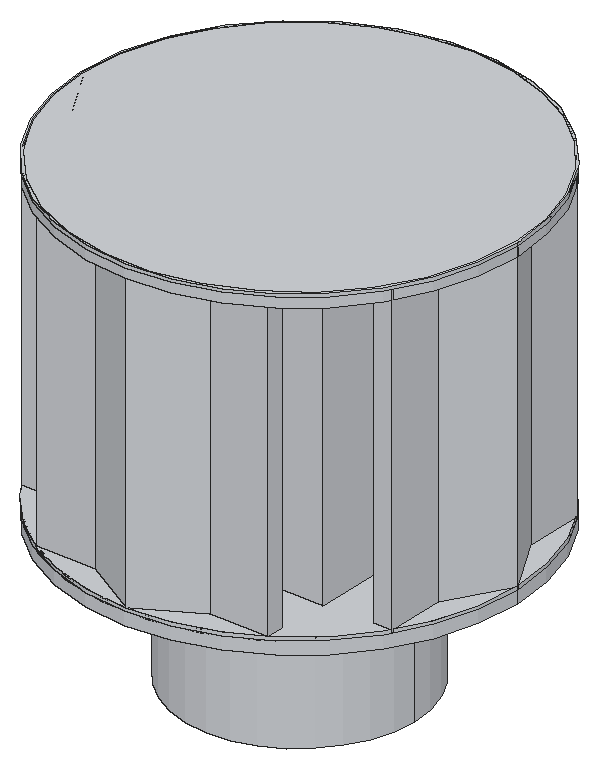
Revit family "thinggy", category Generic Models, Revit 2025
Family settings
  Can host rebar = No
  Round Connector Dimension = Use Diameter
  Part Type = Normal
  Work Plane-Based = No
  Always vertical = Yes
  Cut with Voids When Loaded = No
  Maintain Annotation Orientation = No
  Shared = No
  Room Calculation Point = No
Parameters
  Nominal Diameter = 0' - 4 1/2"
  Length = 0' - 6"
  Gauge = 0' - 0 1/16"
  Default Elevation = 0' - 0"
Reference planes (in)
  plane 1 "Center (Front/Back)": y = 0
  plane 2: z = 0
  plane 3 "Center (Left/Right)": x = 0
  plane 4: z = 6
Dimensions and locks (in)
  "Length": plane 2 to plane 4
  aligned and locked: level to plane 2
  aligned and locked: plane 3 "Center (Left/Right)" to nested 2
  aligned and locked: plane 1 "Center (Front/Back)" to nested 2
  aligned and locked: plane 3 "Center (Left/Right)" to nested 4
  aligned and locked: plane 1 "Center (Front/Back)" to nested 4
  aligned and locked: plane 3 "Center (Left/Right)" to nested 3
  aligned and locked: plane 1 "Center (Front/Back)" to nested 3
  aligned and locked: plane 3 "Center (Left/Right)" to nested 1
  aligned and locked: plane 1 "Center (Front/Back)" to nested 1
  aligned and locked: plane 4 to nested 1
Nested families (in)
  nested 1: "cap_lid" at (0, 0, 6.0625), type "cap_lid"
  nested 2: "outside_octagon" at (0, 0, 0), type "outside_octagon"
  nested 3: "cap_inlet" at (0, 0, 0), type "cap_inlet"
  nested 4: "inside_square" at (0, 0, 0), type "inside_square"
    with Length 0' - 6"
Definition of nested family "cap_lid"
  Parameters (values of type "cap_lid")
    Nominal Diameter = 0' - 4 1/2"
    Lip Size = 0' - 0 1/4"
    Gauge = 0' - 0 1/16"
    Diameter Inner = Diameter - Gauge  # 0' - 8 7/16"
    Diameter = Nominal Diameter * 1.8889  # 0' - 8 1/2"
    Default Elevation = 0' - 0"
  Reference planes (in)
    plane 1 "Center (Front/Back)": y = 0
    plane 2: z = 0
    plane 3 "Center (Left/Right)": x = 0
    plane 4: y = 4.25
    plane 5: y = -4.25
    plane 6: x = -4.25
    plane 7: x = 4.25
    plane 8: z = 0.0625
    plane 9: z = -0.0625
    plane 10: z = -0.25
  Forms (in)
    Extrusion 1, solid
      sketch origin (-8.82302, -180, 0.0625) x (-1, 0, 0) y (0, -1, 0)
        loop
          circle (-8.82302, -180) r 4.25
      from -0.0625 to -0.125
    Extrusion 2, solid
      sketch origin (-8.82302, -180, 0.0625) x (-1, 0, 0) y (0, -1, 0)
        loop
          circle (-8.82302, -180) r 4.21875
        loop
          circle (-8.82302, -180) r 4.25
      from -0.0625 to -0.3125
  Dimensions and locks (in)
    equal spacing: plane 5, plane 1 "Center (Front/Back)", plane 4
    equal spacing: plane 6, plane 3 "Center (Left/Right)", plane 7
    "Diameter": plane 4 to plane 5
    "Diameter": plane 6 to plane 7
    "Gauge": level to plane 9
    "Lip Size": level to plane 10
    "Diameter": diameter of Extrusion 2 sketch curve
    "Diameter Inner": diameter of Extrusion 2 sketch curve
    aligned and locked: plane 2 to level
    aligned and locked: plane 3 "Center (Left/Right)" to Extrusion 1 sketch curve
    aligned and locked: plane 1 "Center (Front/Back)" to Extrusion 1 sketch curve
    aligned and locked: level to Extrusion 1
    aligned and locked: Extrusion 1 to plane 9
    aligned and locked: plane 3 "Center (Left/Right)" to Extrusion 2 sketch curve  (x2)
    aligned and locked: plane 1 "Center (Front/Back)" to Extrusion 2 sketch curve  (x2)
    aligned and locked: Extrusion 2 to plane 10
    aligned and locked: level to Extrusion 2
  Automatic sketch dimensions
    radius of Extrusion 1 sketch curve = 0' - 4 1/4"
Definition of nested family "outside_octagon"
  Parameters (values of type "outside_octagon")
    Inner Angle = 120.075°
    Outer Angle = 150.037°
    Octagon Side Size = 0' - 7.85302"
    Nominal Diameter = 0' - 4 1/2"
    Length = 0' - 6"
    Inside Spacing = Diameter Inner / 2  # 0' - 2 1/4"
    Guage = 0' - 0.04436"
    Diameter Outer = Nominal Diameter * 1.8889  # 0' - 8.50005"
    Diameter Inner = Nominal Diameter  # 0' - 4 1/2"
    Default Elevation = 0' - 0"
  Reference planes (in)
    plane 1 "Center (Front/Back)": y = 0
    plane 2: z = 0
    plane 3 "Center (Left/Right)": x = 0
    plane 4: y = 4.25002
    plane 5: y = -4.25003
    plane 6: x = -4.25002
    plane 7: x = 4.25003
    plane 8: x = -2.25
    plane 9: x = 2.25
    plane 10: y = 2.25
    plane 11: y = -2.25
    plane 12: through (0, 0, 48) normal (0.7071, 0.7071, 0)
    plane 13: y = 1.125
    plane 14: y = -1.125
    plane 15: x = -1.125
    plane 16: x = 1.125
    plane 17: y = -0.75
    plane 18: y = 0.75
    plane 19: x = -0.75
    plane 20: x = 0.75
    plane 21: through (0, 0, 48) normal (-0.7071, 0.7071, 0)
    plane 22: through (-0.09785, 4.29056, 48) normal (0.3827, 0.9239, 0)
    plane 23: through (-3.00522, -3.00522, 48) normal (0.3827, 0.9239, 0)
    plane 24: through (-3.00522, 3.00522, 48) normal (-0.3827, 0.9239, 0)
    plane 25: through (-19.89016, 11.4064, 48) normal (0.3827, 0.9239, 0)
    plane 26: through (-22.6601, -6.21849, 48) normal (-0.3827, 0.9239, 0)
    plane 27: y = -2.91668
    plane 28: y = -3.58335
    plane 29: x = -3.58335
    plane 30: x = -2.91667
    plane 31: x = 2.91668
    plane 32: x = 3.58335
    plane 33: y = 3.58335
    plane 34: y = 2.91667
    plane 35: through (2.50435, -10.29606, 48) normal (-0.3827, 0.9239, 0)
    plane 36: through (3.00522, -3.00522, 48) normal (-0.9239, 0.3827, 0)
    plane 37: through (-4.25002, 0, 48) normal (0.9239, 0.3827, 0)
    plane 38: through (3.0419, 2.91667, 48) normal (0.9239, 0.3827, 0)
    plane 39: x = -3.25001
    plane 40: x = 3.25001
    plane 41: y = 3.25001
    plane 42: y = -3.25001
  Forms (in)
    Extrusion 1, solid
      sketch origin (0, 0, 0) x (1, 0, 0) y (0, 1, 0)
        loop
          line (3.60149, -1.125) -> (4.25003, 0) -> (3.60149, 1.125) -> (3.60149, 2.25) -> (3.25001, 2.25) -> (3.25001, 2.20564) -> (3.55712, 2.20564) -> (3.55712, 1.11313) -> (4.19882, 0) -> (3.55712, -1.11313) -> (3.55712, -2.20564) -> (3.25001, -2.20564) -> (3.25001, -2.25) -> (3.60149, -2.25) -> (3.60149, -1.125)
        loop
          line (-3.60149, -1.125) -> (-3.60149, -2.25) -> (-3.25001, -2.25) -> (-3.25001, -2.20564) -> (-3.55712, -2.20564) -> (-3.55712, -1.11313) -> (-4.19882, 0) -> (-3.55712, 1.11313) -> (-3.55712, 2.20564) -> (-3.25001, 2.20564) -> (-3.25001, 2.25) -> (-3.60149, 2.25) -> (-3.60149, 1.125) -> (-4.25002, 0) -> (-3.60149, -1.125)
        loop
          line (0, 4.25002) -> (-1.125, 3.58335) -> (-2.25, 3.58335) -> (-2.25, 3.25001) -> (-2.20564, 3.25001) -> (-2.20564, 3.53899) -> (-1.11284, 3.53899) -> (0.00043, 4.19871) -> (1.15801, 3.53899) -> (2.20564, 3.53899) -> (2.20564, 3.25001) -> (2.25, 3.25001) -> (2.25, 3.58335) -> (1.16977, 3.58335) -> (0, 4.25002)
        loop
          line (0, -4.23189) -> (1.125, -3.58335) -> (2.25, -3.58335) -> (2.25, -3.25001) -> (2.20564, -3.25001) -> (2.20564, -3.53899) -> (1.15801, -3.53899) -> (0.00043, -4.19871) -> (-1.11284, -3.54959) -> (-2.20564, -3.54959) -> (-2.20564, -3.25001) -> (-2.25, -3.25001) -> (-2.25, -3.58335) -> (-1.125, -3.58335) -> (0, -4.23189)
      from 0 to 6 <- "Length"
  Lines and regions (in)
    model lines
      curve 1: circle (0, 0, 0) r 4.25003 normal (0, 0, 1)
      curve 2: circle (0, 0, 0) r 2.25 normal (0, 0, 1)
      curve 3: line (0, 4.25002, 0) -> (-3.00522, 3.00522, 0)
      curve 4: line (-3.00522, 3.00522, 0) -> (-4.25002, 0, 0)
      curve 5: line (-4.25002, 0, 0) -> (-3.00522, -3.00522, 0)
      curve 6: line (-3.00522, -3.00522, 0) -> (0, -4.25003, 0)
      curve 7: line (0, -4.25003, 0) -> (3.00522, -3.00522, 0)
      curve 8: line (3.00522, -3.00522, 0) -> (4.25003, 0, 0)
      curve 9: line (4.25003, 0, 0) -> (3.00522, 3.00522, 0)
      curve 10: line (3.00522, 3.00522, 0) -> (0, 4.25002, 0)
  Dimensions and locks (in)
    equal spacing: plane 6, plane 3 "Center (Left/Right)", plane 7
    equal spacing: plane 5, plane 1 "Center (Front/Back)", plane 4
    "Diameter Outer": plane 4 to plane 5
    "Diameter Outer": plane 6 to plane 7
    equal spacing: plane 11, plane 1 "Center (Front/Back)", plane 10
    "Diameter Inner": plane 10 to plane 11
    equal spacing: plane 8, plane 3 "Center (Left/Right)", plane 9
    "Diameter Inner": plane 8 to plane 9
    equal spacing: plane 14, plane 1 "Center (Front/Back)", plane 13
    "Inside Spacing": plane 14 to plane 13
    equal spacing: plane 15, plane 3 "Center (Left/Right)", plane 16
    "Inside Spacing": plane 15 to plane 16
    equal spacing: plane 11, plane 17, plane 18, plane 10
    equal spacing: plane 8, plane 19, plane 20, plane 9
    "Octagon Side Size": plane 22 to plane 23
    "Guage": Extrusion 1 sketch curve to Extrusion 1 sketch curve  (x17)
    equal spacing: plane 11, plane 27, plane 28, plane 5
    equal spacing: plane 6, plane 29, plane 30, plane 8
    equal spacing: plane 9, plane 31, plane 32, plane 7
    equal spacing: plane 4, plane 33, plane 34, plane 10
    Extrusion 1 sketch curve to Extrusion 1 sketch curve = 0' - 0.04436"
    equal spacing: plane 27, plane 42, plane 28
    equal spacing: plane 29, plane 39, plane 30
    equal spacing: plane 34, plane 41, plane 33
    equal spacing: plane 31, plane 40, plane 32
    "Diameter Outer": diameter of curve 1
    "Diameter Inner": diameter of curve 2
    "Outer Angle": angle Extrusion 1 sketch curve to Extrusion 1 sketch curve  (x6)
    angle plane 35 to plane 23 = 135.00°
    angle plane 36 to plane 35 = 135.00°
    "Inner Angle": angle Extrusion 1 sketch curve to Extrusion 1 sketch curve  (x2)
    angle Extrusion 1 sketch curve to Extrusion 1 sketch curve = 119.669°
    angle Extrusion 1 sketch curve to Extrusion 1 sketch curve = 149.349°
    angle Extrusion 1 sketch curve to Extrusion 1 sketch curve = 150.32°
    aligned and locked: plane 2 to level
    aligned and locked: plane 3 "Center (Left/Right)" to curve 1
    aligned and locked: plane 1 "Center (Front/Back)" to curve 1
    aligned and locked: plane 1 "Center (Front/Back)" to Extrusion 1 sketch curve  (x2)
    aligned and locked: Extrusion 1 sketch curve to plane 11
    aligned and locked: plane 10 to Extrusion 1 sketch curve
    aligned and locked: plane 11 to Extrusion 1 sketch curve
    aligned and locked: plane 14 to Extrusion 1 sketch curve
    aligned and locked: plane 13 to Extrusion 1 sketch curve
    aligned and locked: Extrusion 1 sketch curve to plane 10
    aligned and locked: Extrusion 1 sketch curve to plane 40
    aligned and locked: plane 40 to Extrusion 1 sketch curve
    aligned and locked: Extrusion 1 sketch curve to plane 39
    aligned and locked: plane 39 to Extrusion 1 sketch curve
    aligned and locked: Extrusion 1 sketch curve to plane 8
    aligned and locked: plane 33 to Extrusion 1 sketch curve
    aligned and locked: plane 3 "Center (Left/Right)" to Extrusion 1 sketch curve  (x2)
    aligned and locked: Extrusion 1 sketch curve to plane 33
    aligned and locked: plane 9 to Extrusion 1 sketch curve
    aligned and locked: Extrusion 1 sketch curve to plane 41  (x2)
    aligned and locked: plane 8 to Extrusion 1 sketch curve
    aligned and locked: plane 28 to Extrusion 1 sketch curve
    aligned and locked: Extrusion 1 sketch curve to plane 28
    aligned and locked: Extrusion 1 sketch curve to plane 9
    aligned and locked: Extrusion 1 sketch curve to plane 42  (x2)
  Automatic sketch dimensions
    curve 1 to curve 2 = 0' - 0"  (x2)
    curve 3 to plane 12 = 0' - 0"
    curve 6 to plane 21 = 0' - 0"
    curve 3 to plane 3 "Center (Left/Right)" = 0' - 0"
    curve 6 to plane 3 "Center (Left/Right)" = 0' - 0"
    curve 8 to plane 12 = 0' - 0"
    curve 10 to plane 21 = 0' - 0"
    plane 1 "Center (Front/Back)" to curve 8 = 0' - 0"
    plane 1 "Center (Front/Back)" to curve 5 = 0' - 0"
    Extrusion 1 sketch curve to plane 6 = 0' - 0"
    Extrusion 1 sketch curve to plane 15 = 0' - 0"  (x2)
    Extrusion 1 sketch curve to plane 13 = 0' - 0"
    plane 14 to Extrusion 1 sketch curve = 0' - 0"
    Extrusion 1 sketch curve to plane 7 = 0' - 0"
    plane 8 to Extrusion 1 sketch curve = 0' - 0.04436"
    plane 15 to Extrusion 1 sketch curve = 0' - 0.01216"
    plane 3 "Center (Left/Right)" to Extrusion 1 sketch curve = 0' - 0.00043"
    Extrusion 1 sketch curve to plane 16 = 0' - 0.03301"
    plane 9 to Extrusion 1 sketch curve = 0' - 0.04436"
    Extrusion 1 sketch curve to Extrusion 1 sketch curve = 0' - 0.03317"
    plane 28 to Extrusion 1 sketch curve = 0' - 0.03376"
Definition of nested family "cap_inlet"
  Parameters (values of type "cap_inlet")
    Nominal Diameter = 0' - 4 1/2"
    Lip Size = Diameter * 0.0294  # 0' - 0.2499"
    Collar OD = Nominal Diameter  # 0' - 4 1/2"
    Gauge = 0' - 0 1/16"
    Diameter Inner = Diameter - Gauge  # 0' - 8.43755"
    Diameter = Nominal Diameter * 1.8889  # 0' - 8.50005"
    Default Elevation = 0' - 0"
    Collar Length = 0' - 3"
    Collar ID = Collar OD - Gauge  # 0' - 4 7/16"
  Reference planes (in)
    plane 1 "Center (Front/Back)": y = 0
    plane 2: z = 0
    plane 3 "Center (Left/Right)": x = 0
    plane 4: y = 4.25002
    plane 5: y = -4.25003
    plane 6: x = -4.25002
    plane 7: x = 4.25003
    plane 8: x = -2.25
    plane 9: x = 2.25
    plane 10: y = -2.25
    plane 11: y = 2.25
    plane 12: z = 3
    plane 13: z = -0.2499
    plane 14: z = -0.2499
    plane 15: z = -3
  Forms (in)
    Extrusion 1, solid
      sketch origin (0, 0, 0) x (1, 0, 0) y (0, 1, 0)
        loop
          circle (0, 0) r 4.25002
        loop
          circle (0, 0) r 2.21875
      from 0 to 0.0625 <- "Gauge"
    Extrusion 2, solid
      sketch origin (0, 0, 0) x (1, 0, 0) y (0, 1, 0)
        loop
          circle (0, 0) r 4.25003
        loop
          circle (0, 0) r 4.21877
      from 0 to -0.2499
    Extrusion 3, solid
      sketch origin (0, 0, 0) x (1, 0, 0) y (0, 1, 0)
        loop
          circle (0, 0) r 2.21875
        loop
          circle (0, 0) r 2.25
      from 0 to -3
  Dimensions and locks (in)
    equal spacing: plane 5, plane 1 "Center (Front/Back)", plane 4
    equal spacing: plane 6, plane 3 "Center (Left/Right)", plane 7
    "Diameter": plane 4 to plane 5
    "Diameter": plane 6 to plane 7
    equal spacing: plane 8, plane 3 "Center (Left/Right)", plane 9
    equal spacing: plane 10, plane 1 "Center (Front/Back)", plane 11
    "Collar OD": plane 10 to plane 11
    "Collar OD": plane 8 to plane 9
    "Collar Length": plane 12 to plane 2
    "Lip Size": plane 2 to plane 13
    "Lip Size": plane 2 to plane 14
    "Collar Length": plane 2 to plane 15
    "Diameter": diameter of Extrusion 1 sketch curve
    "Collar ID": diameter of Extrusion 1 sketch curve
    "Diameter": diameter of Extrusion 2 sketch curve
    "Diameter Inner": diameter of Extrusion 2 sketch curve
    "Collar ID": diameter of Extrusion 3 sketch curve
    "Collar OD": diameter of Extrusion 3 sketch curve
    aligned and locked: plane 2 to level
    aligned and locked: plane 3 "Center (Left/Right)" to Extrusion 1 sketch curve  (x2)
    aligned and locked: plane 1 "Center (Front/Back)" to Extrusion 1 sketch curve  (x2)
    aligned and locked: plane 1 "Center (Front/Back)" to Extrusion 2 sketch curve  (x2)
    aligned and locked: plane 3 "Center (Left/Right)" to Extrusion 2 sketch curve  (x2)
    aligned and locked: Extrusion 2 to plane 14
    aligned and locked: plane 3 "Center (Left/Right)" to Extrusion 3 sketch curve  (x2)
    aligned and locked: plane 1 "Center (Front/Back)" to Extrusion 3 sketch curve  (x2)
    aligned and locked: Extrusion 3 to plane 15
Definition of nested family "inside_square"
  Parameters (values of type "inside_square")
    Nominal Diameter = 0' - 4 1/2"
    Length = 1' - 0"
    Inside Spacing = Diameter Inner / 2  # 0' - 2 1/4"
    Guage = 0' - 0 1/16"
    Diameter Outer = Nominal Diameter * 1.8889  # 0' - 8.50005"
    Diameter Inner = Nominal Diameter  # 0' - 4 1/2"
    Default Elevation = 0' - 0"
  Reference planes (in)
    plane 1 "Center (Front/Back)": y = 0
    plane 2: z = 0
    plane 3 "Center (Left/Right)": x = 0
    plane 4: y = 4.25002
    plane 5: y = -4.25003
    plane 6: x = -4.25002
    plane 7: x = 4.25003
    plane 8: x = -2.25
    plane 9: x = 2.25
    plane 10: y = 2.25
    plane 11: y = -2.25
    plane 12: through (0, 0, 48) normal (0.7071, 0.7071, 0)
    plane 13: through (-53.5, 59.51044, 48) normal (0.7071, 0.7071, 0)
    plane 14: through (-59.51044, 53.5, 48) normal (0.7071, 0.7071, 0)
    plane 15: through (0, 0, 48) normal (-0.7071, 0.7071, 0)
    plane 16: through (-89.89388, -83.88343, 48) normal (-0.7071, 0.7071, 0)
    plane 17: through (-83.88343, -89.89388, 48) normal (-0.7071, 0.7071, 0)
    plane 18: y = 1.125
    plane 19: y = -1.125
    plane 20: x = -1.125
    plane 21: x = 1.125
    plane 22: y = -0.75
    plane 23: y = 0.75
    plane 24: x = -0.75
    plane 25: x = 0.75
    plane 26: y = 2.75001
    plane 27: x = 5.35253
    plane 28: y = -3.25001
    plane 29: x = -4.88446
    plane 30: y = -2.75001
    plane 31: y = -3.75002
    plane 32: y = 3.25001
    plane 33: y = 3.75002
    plane 34: x = 2.75001
    plane 35: x = 3.25001
    plane 36: x = 3.75002
    plane 37: x = -2.75001
    plane 38: x = -3.25001
    plane 39: x = -3.75002
  Forms (in)
    Extrusion 1, solid
      sketch origin (0, 0, 0) x (1, 0, 0) y (0, 1, 0)
        loop
          line (-2.75001, 0.75) -> (-2.25, 0.75) -> (-2.25, 2.25) -> (-0.75, 2.25) -> (-0.75, 2.75001) -> (-0.8125, 2.75001) -> (-0.8125, 2.3125) -> (-2.3125, 2.3125) -> (-2.3125, 0.8125) -> (-2.75001, 0.8125) -> (-2.75001, 0.75)
        loop
          line (2.75001, 0.75) -> (2.75001, 0.8125) -> (2.3125, 0.8125) -> (2.3125, 2.3125) -> (0.8125, 2.3125) -> (0.8125, 2.75001) -> (0.75, 2.75001) -> (0.75, 2.25) -> (2.25, 2.25) -> (2.25, 0.75) -> (2.75001, 0.75)
        loop
          line (2.75001, -0.75) -> (2.25, -0.75) -> (2.25, -2.25) -> (0.75, -2.25) -> (0.75, -2.75001) -> (0.8125, -2.75001) -> (0.8125, -2.3125) -> (2.3125, -2.3125) -> (2.3125, -0.8125) -> (2.75001, -0.8125) -> (2.75001, -0.75)
        loop
          line (-2.74343, -0.75) -> (-2.74343, -0.8125) -> (-2.3125, -0.8125) -> (-2.3125, -2.3125) -> (-0.8125, -2.3125) -> (-0.8125, -2.75001) -> (-0.75, -2.75001) -> (-0.75, -2.25) -> (-2.25, -2.25) -> (-2.25, -0.75) -> (-2.74343, -0.75)
      from 0 to 12 <- "Length"
  Lines and regions (in)
    model lines
      curve 1: circle (0, 0, 0) r 4.25003 normal (0, 0, 1)
      curve 2: circle (0, 0, 0) r 2.25 normal (0, 0, 1)
  Dimensions and locks (in)
    equal spacing: plane 6, plane 3 "Center (Left/Right)", plane 7
    equal spacing: plane 5, plane 1 "Center (Front/Back)", plane 4
    "Diameter Outer": plane 4 to plane 5
    "Diameter Outer": plane 6 to plane 7
    equal spacing: plane 11, plane 1 "Center (Front/Back)", plane 10
    "Diameter Inner": plane 10 to plane 11
    equal spacing: plane 8, plane 3 "Center (Left/Right)", plane 9
    "Diameter Inner": plane 8 to plane 9
    equal spacing: plane 16, plane 15, plane 17
    "Diameter Outer": plane 16 to plane 17
    equal spacing: plane 13, plane 12, plane 14
    "Diameter Outer": plane 13 to plane 14
    equal spacing: plane 19, plane 1 "Center (Front/Back)", plane 18
    "Inside Spacing": plane 19 to plane 18
    equal spacing: plane 20, plane 3 "Center (Left/Right)", plane 21
    "Inside Spacing": plane 20 to plane 21
    equal spacing: plane 11, plane 22, plane 23, plane 10
    equal spacing: plane 8, plane 24, plane 25, plane 9
    "Guage": Extrusion 1 sketch curve to Extrusion 1 sketch curve  (x16)
    equal spacing: plane 11, plane 30, plane 28, plane 31, plane 5
    equal spacing: plane 4, plane 33, plane 32, plane 26, plane 10
    equal spacing: plane 9, plane 34, plane 35, plane 36, plane 7
    equal spacing: plane 6, plane 39, plane 38, plane 37, plane 8
    plane 25 to plane 9 = 0' - 1 1/2"
    plane 26 to plane 10 = 0' - 0 1/2"
    "Diameter Outer": diameter of curve 1
    "Diameter Inner": diameter of curve 2
    aligned and locked: plane 2 to level
    aligned and locked: plane 3 "Center (Left/Right)" to curve 1
    aligned and locked: plane 1 "Center (Front/Back)" to curve 1
    aligned and locked: plane 3 "Center (Left/Right)" to curve 2
    aligned and locked: plane 1 "Center (Front/Back)" to curve 2
    aligned and locked: plane 24 to Extrusion 1 sketch curve
    aligned and locked: Extrusion 1 sketch curve to plane 10
    aligned and locked: plane 8 to Extrusion 1 sketch curve
    aligned and locked: plane 23 to Extrusion 1 sketch curve
    aligned and locked: Extrusion 1 sketch curve to plane 25
    aligned and locked: plane 10 to Extrusion 1 sketch curve
    aligned and locked: Extrusion 1 sketch curve to plane 9
    aligned and locked: Extrusion 1 sketch curve to plane 23
    aligned and locked: plane 22 to Extrusion 1 sketch curve
    aligned and locked: plane 9 to Extrusion 1 sketch curve
    aligned and locked: Extrusion 1 sketch curve to plane 11
    aligned and locked: plane 25 to Extrusion 1 sketch curve
    aligned and locked: Extrusion 1 sketch curve to plane 24
    aligned and locked: plane 11 to Extrusion 1 sketch curve
    aligned and locked: Extrusion 1 sketch curve to plane 8
    aligned and locked: Extrusion 1 sketch curve to plane 22
    aligned and locked: Extrusion 1 to plane 37
    aligned and locked: plane 26 to Extrusion 1  (x2)
    aligned and locked: plane 34 to Extrusion 1  (x2)
    aligned and locked: Extrusion 1 to plane 30  (x2)
  Automatic sketch dimensions
    Extrusion 1 sketch curve to plane 37 = 0' - 0"
    Extrusion 1 sketch curve to plane 34 = 0' - 0"  (x2)
    Extrusion 1 sketch curve to plane 30 = 0' - 0"  (x2)
    Extrusion 1 sketch curve to plane 26 = 0' - 0"  (x2)
    plane 37 to Extrusion 1 sketch curve = 0' - 0.00658"
